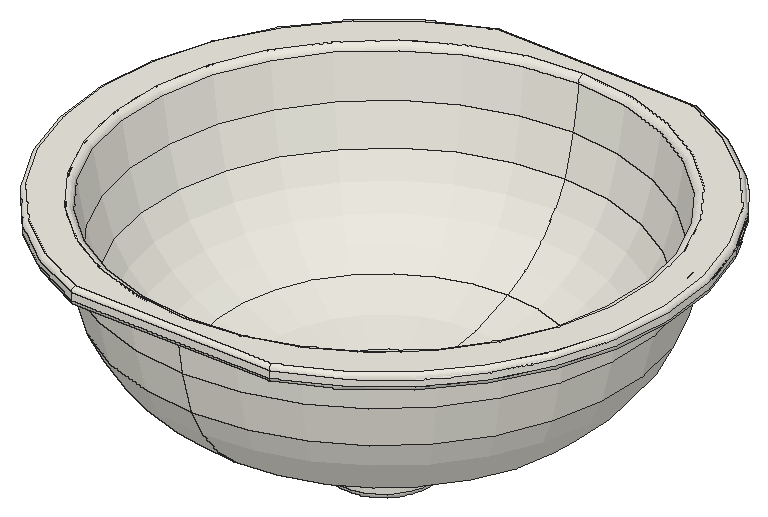
Revit family "Sink-Undermount-Lavatory-KOHLER-Marrakesh_Camber-K-14046", category Plumbing Fixtures, host Face, Revit 2021
Family settings
  Host = Face
  Round Connector Dimension = Use Diameter
  Part Type = Normal
  OmniClass Number = 23.31.13.00
  OmniClass Title = Sinks
  Cut with Voids When Loaded = No
  Shared = No
  Room Calculation Point = No
Parameters (values of type "96-Biscuit")
  Width = 15 7/64"  # constant formula
  WaterSense Certified = 1 = 0  # no
  Waste Water Outlet = "Waste Water Outlet"  # constant formula
  Waste Connection = 1 = 1  # yes
  Vent Connection = 1 = 0  # no
  URL = "https://www.us.kohler.com/us/"
  Type = 1
  Product Page URL = "http://www.us.kohler.com/us/catalog/productDetails.jsp?productId=14046-BU"
  Product Name = "Marrakesh Camber"  # constant formula
  Product Documentation Link = "https://www.us.kohler.com/webassets/kpna/catalog/pdf/en/K-14046-BU_spec_US-CA_Kohler_en.pdf"
  Model = "K-14046-BU-96"  # constant formula
  Material = "Vitreous China"  # constant formula
  Master Format 2014 Name = "Residential Lavatories and Sinks"  # constant formula
  Master Format 2014 = "22 41 16"  # constant formula
  Manufacturer Address = "444 Highland Dr, Kohler, WI 53044"  # constant formula
  Manufacturer = "Kohler Co."  # constant formula
  Length = 16 15/128"  # constant formula
  Hot Water Inlet = "Hot Water Inlet"  # constant formula
  Height = 6 241/256"  # constant formula
  HW Connection = 1 = 0  # no
  Finish = Kohler-Vitreous_China-96-Biscuit
  Environmental Product Declaration = ""
  Drain Included = 1 = 0  # no
  Description = "Undermount Bathroom Sink"  # constant formula
  Default Elevation = 36"
  Declare Label = ""
  Date Modified = "02/10/2023"  # constant formula
  Date Created = "02/10/2023"  # constant formula
  Copyright = "Copyright Kohler Co."  # constant formula
  Contact Us = "https://www.us.kohler.com/us/static/contact.jsp"
  Cold Water Inlet = "Cold Water Inlet"  # constant formula
  CW Connection = 1 = 0  # no
  Assembly Code = "D2010400"
  ADA Compliant = 1 = 1  # yes
Reference planes (in)
  plane 1 "Center (Front/Back)": y = 0
  plane 2: z = 0
  plane 3 "Center (Left/Right)": x = 0
  plane 4: y = 7.55512
  plane 5: y = 6.87795
  plane 6: y = -6.87795
  plane 7: y = -7.55426
  plane 8: x = -8.05906
  plane 9: x = -6.87795
  plane 10: x = 6.87795
  plane 11: x = 8.05813
  plane 12: z = -1
  plane 13: z = -1.44094
  plane 14: z = -7.94141
Forms (in)
  Extrusion 1, void
    sketch origin (0, 0, 0) x (1, 0, 0) y (0, 1, 0)
      loop
        arc (2.80493, -7.55333) -> (8.05732, 0.00124) -> (2.80261, 7.5542) r 8.05733
        line (2.80261, 7.5542) -> (-2.80493, 7.5542)
        arc (-2.80493, 7.5542) -> (-8.05813, 0.00124) -> (-2.80725, -7.55333) r 8.05813
        line (-2.80725, -7.55333) -> (2.80493, -7.55333)
    from -7.94094 to -1
  Extrusion 2, void
    sketch origin (0, 0, 0) x (1, 0, 0) y (0, 1, 0)
      loop
        circle (0, 0) r 6.75
    from -1.44094 to 0
Dimensions and locks (in)
  "Length": plane 8 to plane 11
  "Width": plane 4 to plane 7
  plane 1 "Center (Front/Back)" to plane 5 = 6.87795"
  plane 3 "Center (Left/Right)" to plane 10 = 6.87795"
  "Height": plane 12 to plane 14
  plane 12 to plane 13 = 0.44094"
  locked: level to plane 12 at 1
  plane 4 to plane 1 "Center (Front/Back)" = 7.55512"
  aligned and locked: plane 2 to host face
  aligned and locked: level to host face
  aligned and locked: plane 3 "Center (Left/Right)" to nested 1
  aligned and locked: plane 1 "Center (Front/Back)" to nested 1
  aligned and locked: plane 12 to Extrusion 1
  aligned and locked: Extrusion 1 to nested 1
  aligned and locked: Extrusion 2 to plane 13
  aligned and locked: level to Extrusion 2
Automatic sketch dimensions
  host sketch curve to host sketch curve = 96"  (x2)
  Extrusion 1 sketch curve to Extrusion 1 sketch curve = 0"  (x2)
  plane 1 "Center (Front/Back)" to Extrusion 1 sketch curve = 0"
  Extrusion 1 sketch curve to plane 3 "Center (Left/Right)" = 0"
  Extrusion 1 sketch curve to plane 4 = 0.00092"
  Extrusion 1 sketch curve to plane 3 "Center (Left/Right)" = 2.80493"
  plane 7 to Extrusion 1 sketch curve = 0.00092"
  plane 3 "Center (Left/Right)" to Extrusion 1 sketch curve = 2.80493"
Nested families (in)
  nested 1: "K-14046" at (0, 0, 0), type "K-14046"
Connectors (in)
  piping at (0, 0, -7.94094), diameter 1.25, driven by "Waste Connection", driven by "Waste Water Outlet"
    settings: on nested 1, index 1, connector inside diameter 24", connector length 0", flow factor 0, pipe flow 0 GPM, pressure drop 0.00 psi, fitting loss kfactor 0, connector angle 0.00°, fixture units 0, engagement length 0", angle of deflection 0.00°, flow configuration 0, flow direction 2, fitting loss method 0, system type 16, joint type 0, gender type 0, connector reference index -1, connector utility 1, adjustable connector no, is connector primary yes, connector description "Waste Water Outlet"
Definition of nested family "K-14046"
  Parameters
    Material = none
    Default Elevation = 0"
  Reference planes (in)
    plane 1 "Center (Front/Back)": y = 0
    plane 2: z = 0
    plane 3 "Center (Left/Right)": x = 0
    plane 4: x = -8.05906
    plane 5: x = 8.05906
    plane 6: y = -7.55512
    plane 7: y = 7.55512
    plane 8: y = 6.87795
    plane 9: y = -6.87795
    plane 10: x = 6.87795
    plane 11: x = -6.87795
    plane 12: z = -1
    plane 13: z = -1.44094
    plane 14: z = -7.94094
  Forms (in)
    Sweep 1, solid, material <- "Material", detail levels medium+fine
      path origin (0, 0, 0) x (1, 0, 0) y (0, 1, 0)
        loop
          arc (2.8051, -7.55512) -> (8.05906, 0) -> (2.8051, 7.55512) r 8.05906
          line (2.8051, 7.55512) -> (-2.8051, 7.55512)
          arc (-2.8051, 7.55512) -> (-8.05906, 0) -> (-2.8051, -7.55512) r 8.05906
          line (-2.8051, -7.55512) -> (2.8051, -7.55512)
      profile origin (-8.05906, 0, 0) x (1, 0, 0) y (0, 0, 1)
        loop
          arc (0.12591, -1) -> (0.03528, -1.03847) -> (0, -1.13038) r 0.12598
          line (0, -1.13038) -> (0.0066, -1.31936)
          arc (0.0066, -1.31936) -> (0.04499, -1.40559) -> (0.13251, -1.44094) r 0.12598
          line (0.13251, -1.44094) -> (0.3195, -1.44094) -> (0.3195, -1) -> (0.12591, -1)
    Sweep 2, solid, material <- "Material", detail levels medium+fine
      path origin (0, 0, 0) x (1, 0, 0) y (0, 1, 0)
        loop
          circle (0, 0) r 8.05906
      profile origin (-8.05906, 0, 0) x (1, 0, 0) y (0, 0, 1)
        loop
          line (0.61516, -1) -> (0.61516, -1.44094) -> (0.65292, -1.44094)
          arc (0.65292, -1.44094) -> (0.7543, -1.47792) -> (0.80808, -1.57149) r 0.15748
          line (0.80808, -1.57149) -> (0.94937, -2.38548)
          arc (0.94937, -2.38548) -> (1.08019, -2.9592) -> (1.27023, -3.51612) r 5.6255
          arc (1.27023, -3.51612) -> (2.15792, -4.8899) -> (3.49657, -5.82975) r 4.27472
          arc (3.49657, -5.82975) -> (4.72303, -6.25254) -> (6.00443, -6.45493) r 7.40943
          line (6.00443, -6.45493) -> (6.60637, -6.49654) -> (7.20193, -6.49654) -> (7.20193, -6.43594) -> (6.96944, -6.20826)
          arc (6.96944, -6.20826) -> (6.81368, -6.10205) -> (6.63081, -6.05623) r 0.53689
          line (6.63081, -6.05623) -> (6.03483, -6.01504)
          arc (6.03483, -6.01504) -> (4.82969, -5.82469) -> (3.67621, -5.42706) r 6.96849
          arc (3.67621, -5.42706) -> (2.47565, -4.58416) -> (1.67953, -3.35208) r 3.83377
          arc (1.67953, -3.35208) -> (1.50439, -2.83882) -> (1.38382, -2.31007) r 5.18455
          line (1.38382, -2.31007) -> (1.18474, -1.16318)
          arc (1.18474, -1.16318) -> (1.11753, -1.04622) -> (0.99079, -1) r 0.19685
          line (0.99079, -1) -> (0.61516, -1)
    Extrusion 3, void
      sketch origin (0, 0, 0) x (1, 0, 0) y (0, 1, 0)
        loop
          line (-3.33765, 7.73354) -> (-3.33765, 7.15687) -> (3.43607, 7.15687) -> (3.43607, 7.73354) -> (-3.33765, 7.73354)
        loop
          line (-3.33765, -7.73354) -> (3.43607, -7.73354) -> (3.43607, -7.15687) -> (-3.33765, -7.15687) -> (-3.33765, -7.73354)
      from -1.44094 to -0.91091
    Extrusion 4, solid, material <- "Material", detail levels medium+fine
      sketch origin (0, 0, 0) x (1, 0, 0) y (0, 1, 0)
        loop
          arc (2.04713, -7.15687) -> (7.4439, 0) -> (2.04713, 7.15687) r 7.4439
          line (2.04713, 7.15687) -> (-2.04713, 7.15687)
          arc (-2.04713, 7.15687) -> (-7.4439, 0) -> (-2.04713, -7.15687) r 7.4439
          line (-2.04713, -7.15687) -> (2.04713, -7.15687)
        loop
          line (2.7471, 7.23561) -> (-2.7471, 7.23561)
          arc (-2.7471, 7.23561) -> (-7.73955, 0) -> (-2.7471, -7.23561) r 7.73955
          line (-2.7471, -7.23561) -> (2.7471, -7.23561)
          arc (2.7471, -7.23561) -> (7.73955, 0) -> (2.7471, 7.23561) r 7.73955
      from -1.44094 to -1
    Revolve 5, solid, material <- "Material", detail levels medium+fine
      sketch origin (0, 0, 0) x (1, 0, 0) y (0, 0, 1)
        loop
          line (-1.19918, -7.94094) -> (-0.85039, -7.94094) -> (-0.85039, -7.63094) -> (-0.98743, -7.63094)
          arc (-0.98743, -7.63094) -> (-1.04063, -7.61026) -> (-1.06587, -7.55907) r 0.07874
          line (-1.06587, -7.55907) -> (-1.15883, -6.49654) -> (-1.45268, -6.49654) -> (-1.70497, -6.4791)
          arc (-1.70497, -6.4791) -> (-1.53089, -6.55739) -> (-1.44943, -6.73002) r 0.27559
          line (-1.44943, -6.73002) -> (-1.35607, -7.79719)
          arc (-1.35607, -7.79719) -> (-1.30558, -7.89957) -> (-1.19918, -7.94094) r 0.15748
        axis (0, -7.94094) -> (0, -6.4791)
      angle from 0 to 360
    Revolve 6, solid, detail levels medium+fine
      sketch origin (0, 0, 0) x (1, 0, 0) y (0, 0, 1)
        loop
          arc (0, -6.1559) -> (-0.38134, -6.18217) -> (-0.75548, -6.26051) r 2.78037
          arc (-0.75548, -6.26051) -> (-0.76773, -6.2701) -> (-0.76971, -6.28554) r 0.0205
          line (-0.76971, -6.28554) -> (-0.76148, -6.31626) -> (-0.66626, -6.31626) -> (-0.66626, -6.4075) -> (-0.7122, -6.4075)
          arc (-0.7122, -6.4075) -> (-0.72554, -6.41584) -> (-0.72389, -6.43149) r 0.01485
          line (-0.72389, -6.43149) -> (-0.69749, -6.46528) -> (-0.16391, -6.46528) -> (-0.16391, -6.96594) -> (0, -6.96594) -> (0, -6.1559)
        loop
          line (-0.78035, -6.96594) -> (-0.66915, -6.96594) -> (-0.66915, -6.61594) -> (-0.59958, -6.61594) -> (-0.59958, -6.58094) -> (-0.68817, -6.55044)
          arc (-0.68817, -6.55044) -> (-0.70253, -6.54111) -> (-0.71084, -6.52613) r 0.0354
          line (-0.71084, -6.52613) -> (-0.76383, -6.32835)
          arc (-0.76383, -6.32835) -> (-0.88305, -6.24171) -> (-1.0255, -6.2039) r 0.40165
          arc (-1.0255, -6.2039) -> (-1.05842, -6.22828) -> (-1.03907, -6.26439) r 0.03133
          line (-1.03907, -6.26439) -> (-0.8603, -6.33302)
          arc (-0.8603, -6.33302) -> (-0.82482, -6.36024) -> (-0.80989, -6.4024) r 0.07874
          line (-0.80989, -6.4024) -> (-0.78035, -6.96594)
        axis (0, -6.96594) -> (0, -6.1559)
      angle from 0 to 360
    Extrusion 7, solid, material <- "Material", detail levels medium+fine
      sketch origin (0, 0, 0) x (1, 0, 0) y (0, 1, 0)
        loop
          circle (0, 0) r 0.3937
      from -7.94094 to -7.87402
    Sweep 8, solid, material <- "Material", detail levels coarse
      path origin (0, 0, 0) x (1, 0, 0) y (0, 1, 0)
        loop
          circle (0, 0) r 8.05906
      profile origin (-8.05906, 0, 0) x (1, 0, 0) y (0, 0, 1)
        loop
          line (0, -1) -> (0, -1.44094) -> (0.78542, -1.44094) -> (0.94937, -2.38548)
          arc (0.94937, -2.38548) -> (1.08019, -2.9592) -> (1.27023, -3.51612) r 5.6255
          arc (1.27023, -3.51612) -> (2.15792, -4.8899) -> (3.49657, -5.82975) r 4.27472
          arc (3.49657, -5.82975) -> (5.00721, -6.31747) -> (6.58707, -6.47222) r 7.40943
          line (6.58707, -6.47222) -> (6.71557, -7.94094) -> (7.61403, -7.94094) -> (7.61403, -6.93529) -> (7.21442, -6.93529) -> (7.21442, -6.39383)
          arc (7.21442, -6.39383) -> (7.09911, -6.11544) -> (6.82072, -6.00013) r 0.3937
          line (6.82072, -6.00013) -> (6.51528, -6.00013)
          arc (6.51528, -6.00013) -> (5.07048, -5.848) -> (3.68905, -5.39829) r 6.93699
          arc (3.68905, -5.39829) -> (2.49835, -4.56232) -> (1.70876, -3.34036) r 3.80228
          arc (1.70876, -3.34036) -> (1.53469, -2.83022) -> (1.41485, -2.30468) r 5.15306
          line (1.41485, -2.30468) -> (1.18838, -1) -> (0, -1)
    Extrusion 9, solid, material <- "Material", detail levels coarse
      sketch origin (0, 0, 0) x (1, 0, 0) y (0, 1, 0)
        loop
          circle (0, 0) r 0.67239
      from -7.94094 to -6.93529
    Extrusion 10, void
      sketch origin (0, 0, 0) x (1, 0, 0) y (0, 1, 0)
        loop
          line (-6.87795, 7.55512) -> (6.87795, 7.55512) -> (6.87795, 9.01723) -> (-6.87795, 9.01723) -> (-6.87795, 7.55512)
        loop
          line (-6.87795, -7.55512) -> (-6.87795, -9.01723) -> (6.87795, -9.01723) -> (6.87795, -7.55512) -> (-6.87795, -7.55512)
      from -7.87402 to 9.84252
  Cuts and joins
    Extrusion 3 cuts Sweep 2
    joined: Sweep 1, Sweep 2, Extrusion 4, Revolve 5
    Extrusion 10 cuts Sweep 8
    joined: Sweep 8, Extrusion 9
  Lines and regions (in)
    Masking region 1
      outline origin (0, 0, 0) x (1, 0, 0) y (0, 1, 0)
        loop
          arc (2.8051, -7.55512) -> (8.05906, 0) -> (2.8051, 7.55512) r 8.05906
          line (2.8051, 7.55512) -> (-2.8051, 7.55512)
          arc (-2.8051, 7.55512) -> (-8.05906, 0) -> (-2.8051, -7.55512) r 8.05906
          line (-2.8051, -7.55512) -> (2.8051, -7.55512)
    Masking region 2
      outline origin (0, 0, 0) x (1, 0, 0) y (0, 0, 1)
        loop
          line (-8.05906, -1.13038) -> (-8.05246, -1.31936)
          arc (-8.05246, -1.31936) -> (-8.01406, -1.40559) -> (-7.92655, -1.44094) r 0.12598
          line (-7.92655, -1.44094) -> (-7.40614, -1.44094)
          arc (-7.40614, -1.44094) -> (-7.30475, -1.47792) -> (-7.25098, -1.57149) r 0.15748
          line (-7.25098, -1.57149) -> (-7.10969, -2.38548)
          arc (-7.10969, -2.38548) -> (-6.97886, -2.9592) -> (-6.78882, -3.51612) r 5.6255
          arc (-6.78882, -3.51612) -> (-5.90114, -4.8899) -> (-4.56249, -5.82975) r 4.27472
          arc (-4.56249, -5.82975) -> (-3.33603, -6.25254) -> (-2.05463, -6.45493) r 7.40943
          line (-2.05463, -6.45493) -> (-1.70497, -6.4791)
          arc (-1.70497, -6.4791) -> (-1.53089, -6.55739) -> (-1.44943, -6.73002) r 0.27559
          line (-1.44943, -6.73002) -> (-1.35607, -7.79719)
          arc (-1.35607, -7.79719) -> (-1.30558, -7.89957) -> (-1.19918, -7.94094) r 0.15748
          line (-1.19918, -7.94094) -> (1.19918, -7.94094)
          arc (1.19918, -7.94094) -> (1.30558, -7.89957) -> (1.35607, -7.79719) r 0.15748
          line (1.35607, -7.79719) -> (1.44943, -6.73002)
          arc (1.44943, -6.73002) -> (1.53089, -6.55739) -> (1.70497, -6.4791) r 0.27559
          line (1.70497, -6.4791) -> (2.05463, -6.45493)
          arc (2.05463, -6.45493) -> (3.33603, -6.25254) -> (4.56249, -5.82975) r 7.40943
          arc (4.56249, -5.82975) -> (5.90114, -4.8899) -> (6.78882, -3.51612) r 4.27472
          arc (6.78882, -3.51612) -> (6.97886, -2.9592) -> (7.10969, -2.38548) r 5.6255
          line (7.10969, -2.38548) -> (7.25098, -1.57149)
          arc (7.25098, -1.57149) -> (7.30475, -1.47792) -> (7.40614, -1.44094) r 0.15748
          line (7.40614, -1.44094) -> (7.92655, -1.44094)
          arc (7.92655, -1.44094) -> (8.01406, -1.40559) -> (8.05246, -1.31936) r 0.12598
          line (8.05246, -1.31936) -> (8.05906, -1.13038)
          arc (8.05906, -1.13038) -> (8.02377, -1.03847) -> (7.93315, -1) r 0.12598
          line (7.93315, -1) -> (-7.93315, -1)
          arc (-7.93315, -1) -> (-8.02377, -1.03847) -> (-8.05906, -1.13038) r 0.12598
    Masking region 3
      outline origin (0, 0, 0) x (0, 1, 0) y (0, 0, 1)
        loop
          arc (7.55511, -1.13038) -> (7.51983, -1.03847) -> (7.4292, -1) r 0.12598
          line (7.4292, -1) -> (-7.42921, -1)
          arc (-7.42921, -1) -> (-7.51983, -1.03847) -> (-7.55511, -1.13038) r 0.12598
          line (-7.55511, -1.13038) -> (-7.54852, -1.31936)
          arc (-7.54852, -1.31936) -> (-7.50746, -1.40809) -> (-7.41527, -1.44121) r 0.12598
          arc (-7.41527, -1.44121) -> (-7.30829, -1.47503) -> (-7.25098, -1.57149) r 0.15748
          line (-7.25098, -1.57149) -> (-7.10969, -2.38548)
          arc (-7.10969, -2.38548) -> (-6.97886, -2.9592) -> (-6.78882, -3.51612) r 5.6255
          arc (-6.78882, -3.51612) -> (-5.90114, -4.8899) -> (-4.56249, -5.82975) r 4.27472
          arc (-4.56249, -5.82975) -> (-3.33603, -6.25254) -> (-2.05463, -6.45493) r 7.40943
          line (-2.05463, -6.45493) -> (-1.70497, -6.4791)
          arc (-1.70497, -6.4791) -> (-1.53089, -6.55739) -> (-1.44943, -6.73002) r 0.27559
          line (-1.44943, -6.73002) -> (-1.35607, -7.79719)
          arc (-1.35607, -7.79719) -> (-1.30558, -7.89957) -> (-1.19918, -7.94094) r 0.15748
          line (-1.19918, -7.94094) -> (1.19918, -7.94094)
          arc (1.19918, -7.94094) -> (1.30558, -7.89957) -> (1.35607, -7.79719) r 0.15748
          line (1.35607, -7.79719) -> (1.44943, -6.73002)
          arc (1.44943, -6.73002) -> (1.53089, -6.55739) -> (1.70497, -6.4791) r 0.27559
          line (1.70497, -6.4791) -> (2.05463, -6.45493)
          arc (2.05463, -6.45493) -> (3.33603, -6.25254) -> (4.56249, -5.82975) r 7.40943
          arc (4.56249, -5.82975) -> (5.90114, -4.8899) -> (6.78882, -3.51612) r 4.27472
          arc (6.78882, -3.51612) -> (6.97886, -2.9592) -> (7.10969, -2.38548) r 5.6255
          line (7.10969, -2.38548) -> (7.25098, -1.57149)
          arc (7.25098, -1.57149) -> (7.30829, -1.47503) -> (7.4153, -1.44073) r 0.15748
          arc (7.4153, -1.44073) -> (7.50745, -1.40809) -> (7.54851, -1.31936) r 0.12598
          line (7.54851, -1.31936) -> (7.55511, -1.13038)
    symbolic lines, detail levels medium+fine
      curve 1: line (2.7838, 7.43701, 0) -> (-2.7838, 7.43701, 0)
      curve 2: arc (-2.7838, 7.43701, 0) -> (-7.94094, 0, 0) -> (-2.7838, -7.43701, 0) r 7.94094
      curve 3: line (-2.7838, -7.43701, 0) -> (2.7838, -7.43701, 0)
      curve 4: arc (2.7838, -7.43701, 0) -> (7.94094, 0, 0) -> (2.7838, 7.43701, 0) r 7.94094
      curve 6: circle (0, 0, 0) r 7.0748 normal (0, 0, 1)
      curve 7: circle (0, 0, 0) r 0.82677 normal (0, 0, 1)
      curve 9: circle (0, 0, 0) r 1.41732 normal (0, 0, 1)
      curve 10: line (-7.40614, 0, -1.44094) -> (7.40614, 0, -1.44094)
      curve 11: line (-1.70497, 0, -6.4791) -> (1.74297, 0, -6.4791)
      curve 12: line (1.44943, 0, -6.73002) -> (-1.44943, 0, -6.73002)
      curve 13: line (-8.05906, 0, -1.13038) -> (8.05906, 0, -1.13038)
      curve 14: line (0, -7.4153, -1.44094) -> (0, 7.42992, -1.44094)
      curve 15: line (0, 7.54777, -1.13031) -> (0, -7.54777, -1.13031)
      curve 16: line (0, 1.70497, -6.4791) -> (0, -1.70497, -6.4791)
      curve 17: line (0, -1.44943, -6.73002) -> (0, 1.44943, -6.73002)
    symbolic lines
      curve 5: circle (0, 0, 0) r 6.87795 normal (0, 0, 1)
      curve 8: circle (0, 0, 0) r 1.06478 normal (0, 0, 1)
  Dimensions and locks (in)
    plane 4 to plane 5 = 16.11811"
    plane 7 to plane 6 = 15.11024"
    plane 1 "Center (Front/Back)" to plane 8 = 6.87795"
    plane 3 "Center (Left/Right)" to plane 10 = 6.87795"
    level to plane 12 = 1"
    plane 12 to plane 13 = 0.44094"
    plane 12 to plane 14 = 6.94094"
    aligned and locked: plane 2 to level
